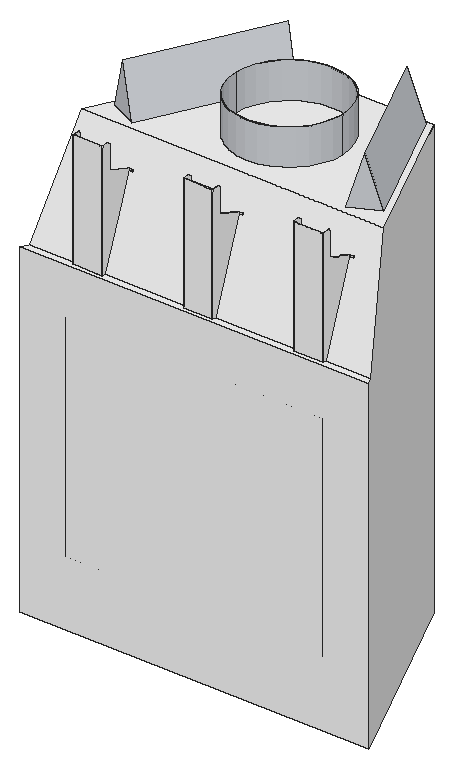
Revit family "WB36FB-montigo-residential", category Generic Models, Revit 2021
Family settings
  Can host rebar = No
  Round Connector Dimension = Use Diameter
  Part Type = Normal
  Work Plane-Based = No
  Always vertical = Yes
  Cut with Voids When Loaded = No
  Shared = No
  Room Calculation Point = No
Parameters
  URL = "https://www.montigo.com/"
  Model = ""
  Manufacturer Fax = ""
  Manufacturer Website = "https://www.montigo.com/"
  Manufacturer Phone - Toll Free = "800-378-3115"
  Manufacturer Phone = ""
  Manufacturer Address = "27342 Gloucester Way  Langley, BC, Canada   V4W 4A1"
  Manufacturer = "Montigo"
  Keynote = ""
  Glazing Tint = Glass - Montigo - Tint as Specified
  Frame Material = Metal - Montigo - Black
  Firebox Material = Metal - Montigo - White
  Description = "Montigo Fireplace as Specified"
  Default Elevation = 0"
Reference planes (in)
  plane 1 "Center (Front/Back)": y = 0
  plane 2: z = 0
  plane 3 "Center (Left/Right)": x = 0
Forms (in)
  Extrusion 1, solid, material "Metal - Montigo - White" <- "Firebox Material"
    sketch origin (189, -15, 0) x (1, 0, 0) y (0, 1, 0)
      loop
        line (-213.45203, 15) -> (-164.54797, 15) -> (-177.94117, 43.125) -> (-200.05883, 43.125) -> (-213.45203, 15)
    from 0 to 61.36504
  Extrusion 2, solid, material "Glass - Montigo - Tint as Specified" <- "Glazing Tint"
    sketch origin (193.1875, 3.48344, 0) x (-1, 0, 0) y (0, 0, -1)
      loop
        line (175.17207, -39.18225) -> (211.20376, -39.18225) -> (211.20376, -9.18232) -> (175.17207, -9.18232) -> (175.17207, -39.18225)
    from 3.48344 to 1.60844
  Extrusion 3, solid
    sketch origin (0, 0, 0) x (1, 0, 0) y (0, 1, 0)
      loop
        circle (0, 16.625) r 7.524
      loop
        circle (0, 16.625) r 7.49275
    from 61.36504 to 66.42363
  Extrusion 4, void
    sketch origin (19.1875, -6.15625, 0) x (-1, 0, 0) y (0, 0, -1)
      loop
        line (37.20376, -39.18225) -> (37.20376, -9.18232) -> (1.17207, -9.18232) -> (1.17207, -39.18225) -> (37.20376, -39.18225)
    from -7.24387 to -8.03125
  Extrusion 5, void
    sketch origin (0, 0, 0) x (0, 1, 0) y (0, 0, 1)
      loop
        line (7.05355, 62.22706) -> (7.05355, 76.08579) -> (-0.19645, 76.08579) -> (-0.19645, 45.83579) -> (1.08762, 45.83579) -> (7.05355, 62.22706)
    from -34.73725 to 35.28537
  Extrusion 6, solid, material "Metal - Montigo - White" <- "Firebox Material"
    sketch origin (0, 0, 0) x (1, 0, 0) y (0, 1, 0)
      loop
        arc (-17.558, 0.712) -> (-17.53252, 0.65048) -> (-17.471, 0.625) r 0.087
        line (-17.471, 0.625) -> (-13.471, 0.625)
        arc (-13.471, 0.625) -> (-13.40948, 0.65048) -> (-13.384, 0.712) r 0.087
        line (-13.384, 0.712) -> (-13.384, 5.15558)
        arc (-13.384, 5.15558) -> (-13.37208, 5.18197) -> (-13.345, 5.19222) r 0.03788
        line (-13.345, 5.19222) -> (-12.786, 5.19222) -> (-12.786, 5.22541) -> (-13.345, 5.22541)
        arc (-13.345, 5.22541) -> (-13.39083, 5.20805) -> (-13.411, 5.16339) r 0.0641
        line (-13.411, 5.16339) -> (-13.411, 0.712)
        arc (-13.411, 0.712) -> (-13.42857, 0.66957) -> (-13.471, 0.652) r 0.06
        line (-13.471, 0.652) -> (-17.471, 0.652)
        arc (-17.471, 0.652) -> (-17.51343, 0.66957) -> (-17.531, 0.712) r 0.06
        line (-17.531, 0.712) -> (-17.531, 5.16339)
        arc (-17.531, 5.16339) -> (-17.55117, 5.20805) -> (-17.597, 5.22541) r 0.0641
        line (-17.597, 5.22541) -> (-18.156, 5.22541) -> (-18.156, 5.19222) -> (-17.597, 5.19222)
        arc (-17.597, 5.19222) -> (-17.56992, 5.18197) -> (-17.558, 5.15558) r 0.03788
        line (-17.558, 5.15558) -> (-17.558, 0.712)
      loop
        arc (-2.087, 0.712) -> (-2.06152, 0.65048) -> (-2, 0.625) r 0.087
        line (-2, 0.625) -> (2, 0.625)
        arc (2, 0.625) -> (2.06152, 0.65048) -> (2.087, 0.712) r 0.087
        line (2.087, 0.712) -> (2.087, 5.15558)
        arc (2.087, 5.15558) -> (2.09892, 5.18197) -> (2.126, 5.19222) r 0.03788
        line (2.126, 5.19222) -> (2.685, 5.19222) -> (2.685, 5.22541) -> (2.126, 5.22541)
        arc (2.126, 5.22541) -> (2.08017, 5.20805) -> (2.06, 5.16339) r 0.0641
        line (2.06, 5.16339) -> (2.06, 0.712)
        arc (2.06, 0.712) -> (2.04243, 0.66957) -> (2, 0.652) r 0.06
        line (2, 0.652) -> (-2, 0.652)
        arc (-2, 0.652) -> (-2.04243, 0.66957) -> (-2.06, 0.712) r 0.06
        line (-2.06, 0.712) -> (-2.06, 5.16339)
        arc (-2.06, 5.16339) -> (-2.08017, 5.20805) -> (-2.126, 5.22541) r 0.0641
        line (-2.126, 5.22541) -> (-2.685, 5.22541) -> (-2.685, 5.19222) -> (-2.126, 5.19222)
        arc (-2.126, 5.19222) -> (-2.09892, 5.18197) -> (-2.087, 5.15558) r 0.03788
        line (-2.087, 5.15558) -> (-2.087, 0.712)
      loop
        arc (13.384, 0.712) -> (13.40948, 0.65048) -> (13.471, 0.625) r 0.087
        line (13.471, 0.625) -> (17.471, 0.625)
        arc (17.471, 0.625) -> (17.53252, 0.65048) -> (17.558, 0.712) r 0.087
        line (17.558, 0.712) -> (17.558, 5.15558)
        arc (17.558, 5.15558) -> (17.56992, 5.18197) -> (17.597, 5.19222) r 0.03788
        line (17.597, 5.19222) -> (18.156, 5.19222) -> (18.156, 5.22541) -> (17.597, 5.22541)
        arc (17.597, 5.22541) -> (17.55117, 5.20805) -> (17.531, 5.16339) r 0.0641
        line (17.531, 5.16339) -> (17.531, 0.712)
        arc (17.531, 0.712) -> (17.51343, 0.66957) -> (17.471, 0.652) r 0.06
        line (17.471, 0.652) -> (13.471, 0.652)
        arc (13.471, 0.652) -> (13.42857, 0.66957) -> (13.411, 0.712) r 0.06
        line (13.411, 0.712) -> (13.411, 5.16339)
        arc (13.411, 5.16339) -> (13.39083, 5.20805) -> (13.345, 5.22541) r 0.0641
        line (13.345, 5.22541) -> (12.786, 5.22541) -> (12.786, 5.19222) -> (13.345, 5.19222)
        arc (13.345, 5.19222) -> (13.37208, 5.18197) -> (13.384, 5.15558) r 0.03788
        line (13.384, 5.15558) -> (13.384, 0.712)
    from 45.83579 to 62.84179
  Extrusion 7, void
    sketch origin (0, 0, 0) x (0, 1, 0) y (0, 0, 1)
      loop
        line (1.39863, 74.31216) -> (1.875, 73.83579) -> (1.875, 68.42608) -> (5.05017, 67.72216) -> (6.51113, 74.31216) -> (1.39863, 74.31216)
      loop
        line (5.24572, 57.33007) -> (5.24572, 63.09179) -> (0.625, 63.09179) -> (0.625, 62.09179) -> (1.625, 62.09179) -> (1.875, 61.84179) -> (1.875, 58.55691) -> (5.24572, 57.33007)
    from -34.73725 to 28.07
  Extrusion 8, solid
    sketch origin (189, -15, 61.36504) x (1, 0, 0) y (0, 1, 0)
      loop
        line (-203.97493, 22.76078) -> (-195.37608, 40.81791) -> (-199.30401, 42.6884) -> (-207.90285, 24.63127) -> (-203.97493, 22.76078)
    from 0 to 6.875
  Extrusion 9, void
    sketch origin (-18.90285, 9.63127, 61.36504) x (-0.902856, 0.429942, 0) y (0, 0, 1)
      loop
        line (0, 0) -> (0, 7.5) -> (-5.60056, 7.5) -> (-5.60056, 0) -> (-4.35056, 0) -> (-2.17528, 6.875) -> (0, 0)
    from 0 to 20.90456
  Extrusion 10, solid
    sketch origin (-189, -15, 61.36504) x (-1, 0, 0) y (0, -1, 0)
      loop
        line (-203.97493, -22.76078) -> (-207.90285, -24.63127) -> (-199.30401, -42.6884) -> (-195.37608, -40.81791) -> (-203.97493, -22.76078)
    from 0 to 6.875
  Extrusion 11, void
    sketch origin (18.90285, 9.63127, 61.36504) x (0.902856, 0.429942, 0) y (0, 0, -1)
      loop
        line (0, 0) -> (-2.17528, -6.875) -> (-4.35056, 0) -> (-5.60056, 0) -> (-5.60056, -7.5) -> (0, -7.5) -> (0, 0)
    from 0 to 20.90456
Cuts and joins
  Extrusion 4, Extrusion 5, Extrusion 7, Extrusion 9, Extrusion 11 cuts Extrusion 1
  Extrusion 7, Extrusion 9, Extrusion 11 cuts Extrusion 6
  joined: Extrusion 1, Extrusion 6
  Extrusion 9, Extrusion 11 cuts Extrusion 8
  Extrusion 11 cuts Extrusion 10
Lines and regions (in)
  symbolic lines, style "GenericModelHiddenLines"
    curve 1: line (-11.94263, 29.48825, 0) -> (11.94263, 29.48825, 0)
    curve 2: line (-21.73571, 8.92329, 0) -> (-11.94263, 29.48825, 0)
    curve 3: line (11.94263, 29.48825, 0) -> (21.73571, 8.92329, 0)
Dimensions and locks (in)
  aligned and locked: level to plane 2
Connectors (in)
  hvac at (0, 16.625, 66.42363)
    settings: on Extrusion 3, index 1, duct flow 0.0 L/s, flow factor 0, pres drop 0.0 Pa, loss coef 0, conn angle 0.00°, conn width 304.8 mm, conn height 304.8 mm, conn diameter 381 mm, duct sys type 3, conn prof type 0, flow config 0, flow direction 0, loss method 0, conn ref index -1, conn util no, is conn primary yes, conn desc ""
